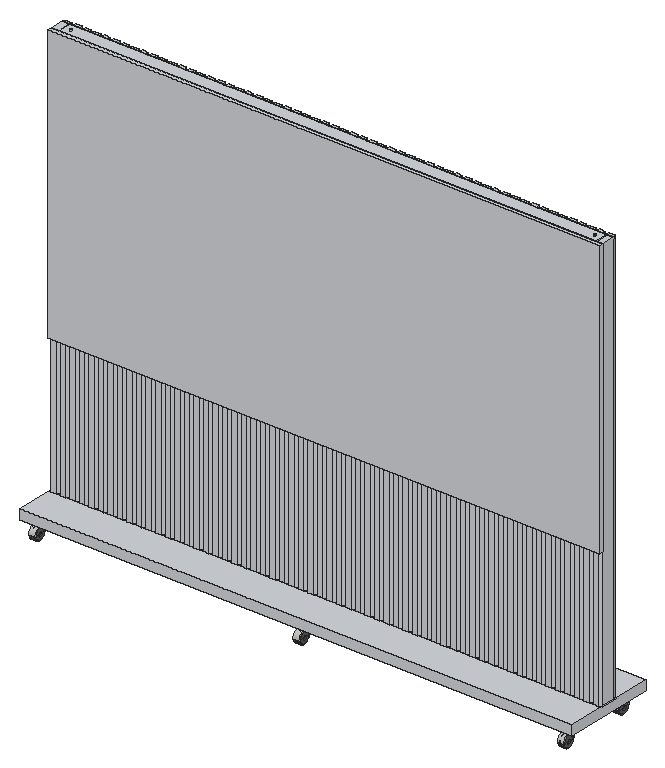
Revit family "ThinkingWall Acoustic Freestander", category Generic Models, Revit 2023
Family settings
  Can host rebar = No
  Round Connector Dimension = Use Diameter
  Part Type = Normal
  Work Plane-Based = No
  Always vertical = Yes
  Cut with Voids When Loaded = No
  Maintain Annotation Orientation = No
  Shared = No
  Room Calculation Point = No
Parameters (values of type "ThinkingWall® Acoustic Freestander 2400 Whiteboard to one side, all acoustic other side")
  White Board 2 = no
  White Board 1 = yes
  URL = "https://www.logovisual.com/product/whiteboards/thinkingwall/acoustics/thinkingwall-mobile-acoustic-freestander/"
  Steel Colour = none
  Plinth Colour = none
  No of Slat = Length / 41.4 mm  # 58
  Model = "ThinkingWall® Acoustic Freestander"
  Manufacturer = "Logovisual LTD"
  Length = 2400 mm
  Description = "Mobile freestanding whiteboard with acoustic elements. Part of the ThinkingWall® range for flexible breakout and meeting spaces."
  Default Elevation = 0 mm
  Caster Wheel = yes
  Acoustic Panel 2 Heght = 1800 mm
  Acoustic Panel 1 Heght = 600 mm
  Acoustic Panel = yes
  Acoustic Colour = none
Types (10, lengths in mm): name | White Board 2 | White Board 1 | No of Slat | Length | Caster Wheel | Acoustic Panel 2 Heght | Acoustic Panel 1 Heght
  (no name) | no | yes | 58 | 2400 | yes | 1800 | 600
  ThinkingWall® Acoustic Freestander 1200 Whiteboard to both sides | yes | yes | 29 | 1200 | no | 600 | 600
  ThinkingWall® Acoustic Freestander 1500 Whiteboard to both sides | yes | yes | 36 | 1500 | no | 600 | 600
  ThinkingWall® Acoustic Freestander 2400 Whiteboard to both sides | yes | yes | 58 | 2400 | yes | 600 | 600
  ThinkingWall® Acoustic Freestander 1200 Whiteboard to one side, all acoustic other side | no | yes | 29 | 1200 | no | 1800 | 600
  ThinkingWall® Acoustic Freestander 1500 Whiteboard to one side, all acoustic other side | no | yes | 36 | 1500 | no | 1800 | 600
  ThinkingWall® Acoustic Freestander 2400 Whiteboard to one side, all acoustic other side | no | yes | 58 | 2400 | yes | 1800 | 600
  ThinkingWall® Acoustic Freestander 1200 All acoustic both sides | no | no | 29 | 1200 | no | 1800 | 1800
  ThinkingWall® Acoustic Freestander 1500 All acoustic both sides | no | no | 36 | 1500 | no | 1800 | 1800
  ThinkingWall® Acoustic Freestander 2400 All acoustic both sides | no | no | 58 | 2400 | yes | 1800 | 1800
Reference planes
  plane 1 "Center (Front/Back)": y = 0
  plane 2: z = 0
  plane 3 "Center (Left/Right)": x = 0
  plane 4: y = 200
  plane 5: x = 2400
  plane 6: y = -200
  plane 7: x = 1200
  plane 8: z = 71.5
  plane 9 "a": z = 114.5
  plane 10: x = 30
  plane 11: x = 2370
  plane 12: z = 1914.5
  plane 13: y = 30
  plane 14: y = -30
  plane 15: x = 1195
  plane 16: x = 1205
  plane 17: y = -183
  plane 18: y = 182
  plane 19: z = 1804.5
  plane 20: y = 47.5
  plane 21: y = -47.5
  plane 22: y = 40
  plane 23: y = -40
  plane 24 "b": z = 109.5
  plane 25: z = 714.5
Forms (mm)
  Extrusion 1, solid, material <- "Plinth Colour"
    sketch origin (-511.407, -1524, 71.5) x (-1, 0, 0) y (0, -1, 0)
      loop
        line (-511.407, -1724) -> (-511.407, -1324) -> (-2911.407, -1324) -> (-2911.407, -1724) -> (-511.407, -1724)
    from 0 to 43
  Extrusion 2, solid, material <- "Steel Colour"
    sketch origin (-511.407, -1524, 114.5) x (-1, 0, 0) y (0, -1, 0)
      loop
        line (-511.407, -1554) -> (-511.407, -1494) -> (-541.407, -1494) -> (-541.407, -1554) -> (-511.407, -1554)
      loop
        line (-2881.407, -1554) -> (-2881.407, -1494) -> (-2911.407, -1494) -> (-2911.407, -1554) -> (-2881.407, -1554)
    from 0 to 1800
  Extrusion 3, solid, visible <- "White Board 2"
    sketch origin (-511.407, -1524, 114.5) x (-1, 0, 0) y (0, -1, 0)
      loop
        line (-511.407, -1571.5) -> (-511.407, -1554) -> (-2911.407, -1554) -> (-2911.407, -1571.5) -> (-511.407, -1571.5)
    from 600 to 1800
  Extrusion 4, solid, material <- "Steel Colour"
    sketch origin (-908.752, -1524, 1914.5) x (-1, 0, 0) y (0, -1, 0)
      loop
        line (-938.752, -1554) -> (-938.752, -1494) -> (-3278.752, -1494) -> (-3278.752, -1554) -> (-938.752, -1554)
    from -18 to 0
  Extrusion 5, solid
    sketch origin (-908.752, -1524, 1914.5) x (-1, 0, 0) y (0, -1, 0)
      loop
        circle (-968.752, -1524) r 5
      loop
        circle (-3248.752, -1524) r 5
    from 0 to 1
  Extrusion 6, solid
    sketch origin (0, 0, 0) x (0, 1, 0) y (0, 0, 1)
      loop
        line (40, 114.5) -> (-40, 114.5) -> (-40, 109.5) -> (40, 109.5) -> (40, 114.5)
    from 0 to 2400
  Extrusion 7, solid, visible <- "White Board 1"
    sketch origin (-511.407, 1524, 114.5) x (-1, 0, 0) y (0, -1, 0)
      loop
        line (-511.407, 1554) -> (-511.407, 1571.5) -> (-2911.407, 1571.5) -> (-2911.407, 1554) -> (-511.407, 1554)
    from 600 to 1800
Dimensions and locks
  equal spacing: plane 4, plane 1 "Center (Front/Back)", plane 6
  plane 4 to plane 6 = 400 mm
  "Length": plane 3 "Center (Left/Right)" to plane 5
  locked: plane 3 "Center (Left/Right)" to nested 1 at 50
  locked: plane 4 to nested 1 at 50
  equal spacing: plane 3 "Center (Left/Right)", plane 7, plane 5
  locked: plane 4 to nested 2 at 50
  locked: nested 2 to plane 5 at 50
  locked: nested 4 to plane 5 at 50
  locked: plane 3 "Center (Left/Right)" to nested 3 at 50
  locked: plane 6 to nested 3 at 50
  locked: plane 6 to nested 4 at 50
  locked: plane 8 to level at 71.5
  plane 9 "a" to plane 8 = 43 mm
  locked: plane 3 "Center (Left/Right)" to plane 10 at 30
  locked: plane 11 to plane 5 at 30
  plane 12 to level = 1914.5 mm
  equal spacing: plane 13, plane 1 "Center (Front/Back)", plane 14
  locked: plane 13 to plane 14 at 60
  locked: plane 4 to plane 18 at 18
  locked: plane 6 to plane 17 at 17
  equal spacing: plane 15, plane 7, plane 16
  locked: plane 15 to plane 16 at 10
  plane 12 to plane 9 "a" = 1800 mm
  locked: plane 12 to plane 19 at 110
  equal spacing: group 1, group 3, group 4, group 5, group 6, group 7, group 8, group 9, group 10, group 11, group 12, group 13, group 14, group 15, group 16, group 17, group 18, group 19, group 20, group 21, group 22, group 23, group 24, group 25, group 26, group 27, group 28, group 29, group 59, group 60, group 61, group 62, group 63, group 64, group 65, group 66, group 67, group 68, group 69, group 70, group 71, group 72, group 73, group 74, group 75, group 76, group 77, group 78, group 79, group 80, group 81, group 82, group 83, group 84, group 85, group 86, group 87, group 2  (x3)
  equal spacing: group 30, group 32, group 33, group 34, group 35, group 36, group 37, group 38, group 39, group 40, group 41, group 42, group 43, group 44, group 45, group 46, group 47, group 48, group 49, group 50, group 51, group 52, group 53, group 54, group 55, group 56, group 57, group 58, group 88, group 89, group 90, group 91, group 92, group 93, group 94, group 95, group 96, group 97, group 98, group 99, group 100, group 101, group 102, group 103, group 104, group 105, group 106, group 107, group 108, group 109, group 110, group 111, group 112, group 113, group 114, group 115, group 116, group 31  (x3)
  locked: plane 20 to plane 13 at 17.5
  locked: plane 21 to plane 14 at 17.5
  equal spacing: plane 22, plane 1 "Center (Front/Back)", plane 23
  locked: plane 9 "a" to plane 24 "b" at 5
  plane 25 to plane 9 "a" = 600 mm
  locked: plane 4 to nested 63 at 50
  locked: plane 6 to nested 64 at 50
  aligned and locked: level to plane 2
  aligned and locked: Extrusion 1 sketch curve to plane 4
  aligned and locked: plane 3 "Center (Left/Right)" to Extrusion 1 sketch curve
  aligned and locked: Extrusion 1 sketch curve to plane 6
  aligned and locked: Extrusion 1 sketch curve to plane 5
  aligned and locked: Extrusion 1 to plane 8
  aligned and locked: Extrusion 1 to plane 9 "a"
  aligned and locked: Extrusion 2 sketch curve to plane 13
  aligned and locked: plane 3 "Center (Left/Right)" to Extrusion 2 sketch curve
  aligned and locked: Extrusion 2 sketch curve to plane 14  (x2)
  aligned and locked: Extrusion 2 sketch curve to plane 10
  aligned and locked: plane 13 to Extrusion 2 sketch curve
  aligned and locked: Extrusion 2 sketch curve to plane 11
  aligned and locked: Extrusion 2 sketch curve to plane 5
  aligned and locked: Extrusion 2 to plane 9 "a"
  aligned and locked: Extrusion 2 to plane 12
  aligned and locked: nested 5 to plane 9 "a"
  aligned and locked: plane 9 "a" to nested 6
  aligned and locked: plane 14 to nested 6
  aligned and locked: plane 14 to nested 5
  aligned and locked: nested 35 to plane 13
  aligned and locked: plane 13 to nested 34
  aligned and locked: nested 34 to plane 9 "a"
  aligned and locked: plane 9 "a" to nested 35
  aligned and locked: Extrusion 3 sketch curve to plane 20
  aligned and locked: plane 3 "Center (Left/Right)" to Extrusion 3 sketch curve
  aligned and locked: Extrusion 3 sketch curve to Extrusion 2  (x2)
  aligned and locked: Extrusion 3 to plane 12
  aligned and locked: plane 3 "Center (Left/Right)" to nested 5
  aligned and locked: plane 3 "Center (Left/Right)" to nested 34
  aligned and locked: nested 6 to plane 5
  aligned and locked: nested 35 to plane 5
  aligned and locked: Extrusion 4 to plane 12
  aligned and locked: plane 9 "a" to Extrusion 6 sketch curve
  aligned and locked: plane 22 to Extrusion 6 sketch curve
  aligned and locked: Extrusion 6 sketch curve to plane 24 "b"
  aligned and locked: plane 23 to Extrusion 6 sketch curve
  aligned and locked: Extrusion 6 to plane 3 "Center (Left/Right)"
  aligned and locked: plane 5 to Extrusion 6
  aligned and locked: Extrusion 3 to plane 25
  aligned and locked: Extrusion 7 sketch curve to Extrusion 2  (x2)
  aligned and locked: Extrusion 7 sketch curve to plane 21
  aligned and locked: Extrusion 7 sketch curve to plane 5
  aligned and locked: Extrusion 7 to plane 25
  aligned and locked: Extrusion 7 to plane 12
  aligned and locked: plane 7 to nested 64
  aligned and locked: plane 7 to nested 63
Automatic sketch dimensions
  Extrusion 4 sketch curve to plane 11 = 0 mm
  Extrusion 4 sketch curve to plane 10 = 0 mm
  Extrusion 4 sketch curve to plane 13 = 0 mm
  plane 14 to Extrusion 4 sketch curve = 0 mm
  Extrusion 5 sketch curve to Extrusion 4 = 30 mm  (x4)
  radius of Extrusion 5 sketch curve = 5 mm  (x2)
Nested families
  nested 1: "50mm_Caster_Wheel 2" at (50, 150, 0) x (0, 1, 0) z (0, 0, 1), type "50mm_Caster_Wheel 2"
  nested 2: "50mm_Caster_Wheel 2" at (2350, 150, 0) x (0, 1, 0) z (0, 0, 1), type "50mm_Caster_Wheel 2"
  nested 3: "50mm_Caster_Wheel 2" at (50, -150, 0) x (0, 1, 0) z (0, 0, 1), type "50mm_Caster_Wheel 2"
  nested 4: "50mm_Caster_Wheel 2" at (2350, -150, 0) x (0, 1, 0) z (0, 0, 1), type "50mm_Caster_Wheel 2"
  nested 5: "Panel" at (0, -30, 114.5), type "Panel"
    with Height 600 mm
  nested 6: "Panel" at (2360, -30, 114.5), type "Panel"
    with Height 600 mm
  nested 7: "Panel" at (41.404, -30, 114.5), type "Panel"
    with Height 600 mm
  nested 8: "Panel" at (82.807, -30, 114.5), type "Panel"
    with Height 600 mm
  nested 9: "Panel" at (124.211, -30, 114.5), type "Panel"
    with Height 600 mm
  nested 10: "Panel" at (165.614, -30, 114.5), type "Panel"
    with Height 600 mm
  nested 11: "Panel" at (207.018, -30, 114.5), type "Panel"
    with Height 600 mm
  nested 12: "Panel" at (248.421, -30, 114.5), type "Panel"
    with Height 600 mm
  nested 13: "Panel" at (289.825, -30, 114.5), type "Panel"
    with Height 600 mm
  nested 14: "Panel" at (331.228, -30, 114.5), type "Panel"
    with Height 600 mm
  nested 15: "Panel" at (372.632, -30, 114.5), type "Panel"
    with Height 600 mm
  nested 16: "Panel" at (414.035, -30, 114.5), type "Panel"
    with Height 600 mm
  nested 17: "Panel" at (455.439, -30, 114.5), type "Panel"
    with Height 600 mm
  nested 18: "Panel" at (496.842, -30, 114.5), type "Panel"
    with Height 600 mm
  nested 19: "Panel" at (538.246, -30, 114.5), type "Panel"
    with Height 600 mm
  nested 20: "Panel" at (579.649, -30, 114.5), type "Panel"
    with Height 600 mm
  nested 21: "Panel" at (621.053, -30, 114.5), type "Panel"
    with Height 600 mm
  nested 22: "Panel" at (662.456, -30, 114.5), type "Panel"
    with Height 600 mm
  nested 23: "Panel" at (703.86, -30, 114.5), type "Panel"
    with Height 600 mm
  nested 24: "Panel" at (745.263, -30, 114.5), type "Panel"
    with Height 600 mm
  nested 25: "Panel" at (786.667, -30, 114.5), type "Panel"
    with Height 600 mm
  nested 26: "Panel" at (828.07, -30, 114.5), type "Panel"
    with Height 600 mm
  nested 27: "Panel" at (869.474, -30, 114.5), type "Panel"
    with Height 600 mm
  nested 28: "Panel" at (910.877, -30, 114.5), type "Panel"
    with Height 600 mm
  nested 29: "Panel" at (952.281, -30, 114.5), type "Panel"
    with Height 600 mm
  nested 30: "Panel" at (993.684, -30, 114.5), type "Panel"
    with Height 600 mm
  nested 31: "Panel" at (1035.088, -30, 114.5), type "Panel"
    with Height 600 mm
  nested 32: "Panel" at (1076.491, -30, 114.5), type "Panel"
    with Height 600 mm
  nested 33: "Panel" at (1117.895, -30, 114.5), type "Panel"
    with Height 600 mm
  nested 34: "Panel" at (40, 30, 114.5) x (-1, 0, 0) z (0, 0, 1), visible <- "Acoustic Panel", type "Panel 2"
    with Height 1800 mm
  nested 35: "Panel" at (2400, 30, 114.5) x (-1, 0, 0) z (0, 0, 1), visible <- "Acoustic Panel", type "Panel 2"
    with Height 1800 mm
  nested 36: "Panel" at (81.404, 30, 114.5) x (-1, 0, 0) z (0, 0, 1), visible <- "Acoustic Panel", type "Panel 2"
    with Height 1800 mm
  nested 37: "Panel" at (122.807, 30, 114.5) x (-1, 0, 0) z (0, 0, 1), visible <- "Acoustic Panel", type "Panel 2"
    with Height 1800 mm
  nested 38: "Panel" at (164.211, 30, 114.5) x (-1, 0, 0) z (0, 0, 1), visible <- "Acoustic Panel", type "Panel 2"
    with Height 1800 mm
  nested 39: "Panel" at (205.614, 30, 114.5) x (-1, 0, 0) z (0, 0, 1), visible <- "Acoustic Panel", type "Panel 2"
    with Height 1800 mm
  nested 40: "Panel" at (247.018, 30, 114.5) x (-1, 0, 0) z (0, 0, 1), visible <- "Acoustic Panel", type "Panel 2"
    with Height 1800 mm
  nested 41: "Panel" at (288.421, 30, 114.5) x (-1, 0, 0) z (0, 0, 1), visible <- "Acoustic Panel", type "Panel 2"
    with Height 1800 mm
  nested 42: "Panel" at (329.825, 30, 114.5) x (-1, 0, 0) z (0, 0, 1), visible <- "Acoustic Panel", type "Panel 2"
    with Height 1800 mm
  nested 43: "Panel" at (371.228, 30, 114.5) x (-1, 0, 0) z (0, 0, 1), visible <- "Acoustic Panel", type "Panel 2"
    with Height 1800 mm
  nested 44: "Panel" at (412.632, 30, 114.5) x (-1, 0, 0) z (0, 0, 1), visible <- "Acoustic Panel", type "Panel 2"
    with Height 1800 mm
  nested 45: "Panel" at (454.035, 30, 114.5) x (-1, 0, 0) z (0, 0, 1), visible <- "Acoustic Panel", type "Panel 2"
    with Height 1800 mm
  nested 46: "Panel" at (495.439, 30, 114.5) x (-1, 0, 0) z (0, 0, 1), visible <- "Acoustic Panel", type "Panel 2"
    with Height 1800 mm
  nested 47: "Panel" at (536.842, 30, 114.5) x (-1, 0, 0) z (0, 0, 1), visible <- "Acoustic Panel", type "Panel 2"
    with Height 1800 mm
  nested 48: "Panel" at (578.246, 30, 114.5) x (-1, 0, 0) z (0, 0, 1), visible <- "Acoustic Panel", type "Panel 2"
    with Height 1800 mm
  nested 49: "Panel" at (619.649, 30, 114.5) x (-1, 0, 0) z (0, 0, 1), visible <- "Acoustic Panel", type "Panel 2"
    with Height 1800 mm
  nested 50: "Panel" at (661.053, 30, 114.5) x (-1, 0, 0) z (0, 0, 1), visible <- "Acoustic Panel", type "Panel 2"
    with Height 1800 mm
  nested 51: "Panel" at (702.456, 30, 114.5) x (-1, 0, 0) z (0, 0, 1), visible <- "Acoustic Panel", type "Panel 2"
    with Height 1800 mm
  nested 52: "Panel" at (743.86, 30, 114.5) x (-1, 0, 0) z (0, 0, 1), visible <- "Acoustic Panel", type "Panel 2"
    with Height 1800 mm
  nested 53: "Panel" at (785.263, 30, 114.5) x (-1, 0, 0) z (0, 0, 1), visible <- "Acoustic Panel", type "Panel 2"
    with Height 1800 mm
  nested 54: "Panel" at (826.667, 30, 114.5) x (-1, 0, 0) z (0, 0, 1), visible <- "Acoustic Panel", type "Panel 2"
    with Height 1800 mm
  nested 55: "Panel" at (868.07, 30, 114.5) x (-1, 0, 0) z (0, 0, 1), visible <- "Acoustic Panel", type "Panel 2"
    with Height 1800 mm
  nested 56: "Panel" at (909.474, 30, 114.5) x (-1, 0, 0) z (0, 0, 1), visible <- "Acoustic Panel", type "Panel 2"
    with Height 1800 mm
  nested 57: "Panel" at (950.877, 30, 114.5) x (-1, 0, 0) z (0, 0, 1), visible <- "Acoustic Panel", type "Panel 2"
    with Height 1800 mm
  nested 58: "Panel" at (992.281, 30, 114.5) x (-1, 0, 0) z (0, 0, 1), visible <- "Acoustic Panel", type "Panel 2"
    with Height 1800 mm
  nested 59: "Panel" at (1033.684, 30, 114.5) x (-1, 0, 0) z (0, 0, 1), visible <- "Acoustic Panel", type "Panel 2"
    with Height 1800 mm
  nested 60: "Panel" at (1075.088, 30, 114.5) x (-1, 0, 0) z (0, 0, 1), visible <- "Acoustic Panel", type "Panel 2"
    with Height 1800 mm
  nested 61: "Panel" at (1116.491, 30, 114.5) x (-1, 0, 0) z (0, 0, 1), visible <- "Acoustic Panel", type "Panel 2"
    with Height 1800 mm
  nested 62: "Panel" at (1157.895, 30, 114.5) x (-1, 0, 0) z (0, 0, 1), visible <- "Acoustic Panel", type "Panel 2"
    with Height 1800 mm
  nested 63: "50mm_Caster_Wheel 2" at (1200, 150, 0) x (0, 1, 0) z (0, 0, 1), visible <- "Caster Wheel", type "50mm_Caster_Wheel 3"
  nested 64: "50mm_Caster_Wheel 2" at (1200, -150, 0) x (0, 1, 0) z (0, 0, 1), visible <- "Caster Wheel", type "50mm_Caster_Wheel 3"
  nested 65: "Panel" at (1159.298, -30, 114.5), type "Panel"
    with Height 600 mm
  nested 66: "Panel" at (1200.702, -30, 114.5), type "Panel"
    with Height 600 mm
  nested 67: "Panel" at (1242.105, -30, 114.5), type "Panel"
    with Height 600 mm
  nested 68: "Panel" at (1283.509, -30, 114.5), type "Panel"
    with Height 600 mm
  nested 69: "Panel" at (1324.912, -30, 114.5), type "Panel"
    with Height 600 mm
  nested 70: "Panel" at (1366.316, -30, 114.5), type "Panel"
    with Height 600 mm
  nested 71: "Panel" at (1407.719, -30, 114.5), type "Panel"
    with Height 600 mm
  nested 72: "Panel" at (1449.123, -30, 114.5), type "Panel"
    with Height 600 mm
  nested 73: "Panel" at (1490.526, -30, 114.5), type "Panel"
    with Height 600 mm
  nested 74: "Panel" at (1531.93, -30, 114.5), type "Panel"
    with Height 600 mm
  nested 75: "Panel" at (1573.333, -30, 114.5), type "Panel"
    with Height 600 mm
  nested 76: "Panel" at (1614.737, -30, 114.5), type "Panel"
    with Height 600 mm
  nested 77: "Panel" at (1656.14, -30, 114.5), type "Panel"
    with Height 600 mm
  nested 78: "Panel" at (1697.544, -30, 114.5), type "Panel"
    with Height 600 mm
  nested 79: "Panel" at (1738.947, -30, 114.5), type "Panel"
    with Height 600 mm
  nested 80: "Panel" at (1780.351, -30, 114.5), type "Panel"
    with Height 600 mm
  nested 81: "Panel" at (1821.754, -30, 114.5), type "Panel"
    with Height 600 mm
  nested 82: "Panel" at (1863.158, -30, 114.5), type "Panel"
    with Height 600 mm
  nested 83: "Panel" at (1904.561, -30, 114.5), type "Panel"
    with Height 600 mm
  nested 84: "Panel" at (1945.965, -30, 114.5), type "Panel"
    with Height 600 mm
  nested 85: "Panel" at (1987.368, -30, 114.5), type "Panel"
    with Height 600 mm
  nested 86: "Panel" at (2028.772, -30, 114.5), type "Panel"
    with Height 600 mm
  nested 87: "Panel" at (2070.175, -30, 114.5), type "Panel"
    with Height 600 mm
  nested 88: "Panel" at (2111.579, -30, 114.5), type "Panel"
    with Height 600 mm
  nested 89: "Panel" at (2152.982, -30, 114.5), type "Panel"
    with Height 600 mm
  nested 90: "Panel" at (2194.386, -30, 114.5), type "Panel"
    with Height 600 mm
  nested 91: "Panel" at (2235.789, -30, 114.5), type "Panel"
    with Height 600 mm
  nested 92: "Panel" at (2277.193, -30, 114.5), type "Panel"
    with Height 600 mm
  nested 93: "Panel" at (2318.596, -30, 114.5), type "Panel"
    with Height 600 mm
  nested 94: "Panel" at (1199.298, 30, 114.5) x (-1, 0, 0) z (0, 0, 1), visible <- "Acoustic Panel", type "Panel 2"
    with Height 1800 mm
  nested 95: "Panel" at (1240.702, 30, 114.5) x (-1, 0, 0) z (0, 0, 1), visible <- "Acoustic Panel", type "Panel 2"
    with Height 1800 mm
  nested 96: "Panel" at (1282.105, 30, 114.5) x (-1, 0, 0) z (0, 0, 1), visible <- "Acoustic Panel", type "Panel 2"
    with Height 1800 mm
  nested 97: "Panel" at (1323.509, 30, 114.5) x (-1, 0, 0) z (0, 0, 1), visible <- "Acoustic Panel", type "Panel 2"
    with Height 1800 mm
  nested 98: "Panel" at (1364.912, 30, 114.5) x (-1, 0, 0) z (0, 0, 1), visible <- "Acoustic Panel", type "Panel 2"
    with Height 1800 mm
  nested 99: "Panel" at (1406.316, 30, 114.5) x (-1, 0, 0) z (0, 0, 1), visible <- "Acoustic Panel", type "Panel 2"
    with Height 1800 mm
  nested 100: "Panel" at (1447.719, 30, 114.5) x (-1, 0, 0) z (0, 0, 1), visible <- "Acoustic Panel", type "Panel 2"
    with Height 1800 mm
  nested 101: "Panel" at (1489.123, 30, 114.5) x (-1, 0, 0) z (0, 0, 1), visible <- "Acoustic Panel", type "Panel 2"
    with Height 1800 mm
  nested 102: "Panel" at (1530.526, 30, 114.5) x (-1, 0, 0) z (0, 0, 1), visible <- "Acoustic Panel", type "Panel 2"
    with Height 1800 mm
  nested 103: "Panel" at (1571.93, 30, 114.5) x (-1, 0, 0) z (0, 0, 1), visible <- "Acoustic Panel", type "Panel 2"
    with Height 1800 mm
  nested 104: "Panel" at (1613.333, 30, 114.5) x (-1, 0, 0) z (0, 0, 1), visible <- "Acoustic Panel", type "Panel 2"
    with Height 1800 mm
  nested 105: "Panel" at (1654.737, 30, 114.5) x (-1, 0, 0) z (0, 0, 1), visible <- "Acoustic Panel", type "Panel 2"
    with Height 1800 mm
  nested 106: "Panel" at (1696.14, 30, 114.5) x (-1, 0, 0) z (0, 0, 1), visible <- "Acoustic Panel", type "Panel 2"
    with Height 1800 mm
  nested 107: "Panel" at (1737.544, 30, 114.5) x (-1, 0, 0) z (0, 0, 1), visible <- "Acoustic Panel", type "Panel 2"
    with Height 1800 mm
  nested 108: "Panel" at (1778.947, 30, 114.5) x (-1, 0, 0) z (0, 0, 1), visible <- "Acoustic Panel", type "Panel 2"
    with Height 1800 mm
  nested 109: "Panel" at (1820.351, 30, 114.5) x (-1, 0, 0) z (0, 0, 1), visible <- "Acoustic Panel", type "Panel 2"
    with Height 1800 mm
  nested 110: "Panel" at (1861.754, 30, 114.5) x (-1, 0, 0) z (0, 0, 1), visible <- "Acoustic Panel", type "Panel 2"
    with Height 1800 mm
  nested 111: "Panel" at (1903.158, 30, 114.5) x (-1, 0, 0) z (0, 0, 1), visible <- "Acoustic Panel", type "Panel 2"
    with Height 1800 mm
  nested 112: "Panel" at (1944.561, 30, 114.5) x (-1, 0, 0) z (0, 0, 1), visible <- "Acoustic Panel", type "Panel 2"
    with Height 1800 mm
  nested 113: "Panel" at (1985.965, 30, 114.5) x (-1, 0, 0) z (0, 0, 1), visible <- "Acoustic Panel", type "Panel 2"
    with Height 1800 mm
  nested 114: "Panel" at (2027.368, 30, 114.5) x (-1, 0, 0) z (0, 0, 1), visible <- "Acoustic Panel", type "Panel 2"
    with Height 1800 mm
  nested 115: "Panel" at (2068.772, 30, 114.5) x (-1, 0, 0) z (0, 0, 1), visible <- "Acoustic Panel", type "Panel 2"
    with Height 1800 mm
  nested 116: "Panel" at (2110.175, 30, 114.5) x (-1, 0, 0) z (0, 0, 1), visible <- "Acoustic Panel", type "Panel 2"
    with Height 1800 mm
  nested 117: "Panel" at (2151.579, 30, 114.5) x (-1, 0, 0) z (0, 0, 1), visible <- "Acoustic Panel", type "Panel 2"
    with Height 1800 mm
  nested 118: "Panel" at (2192.982, 30, 114.5) x (-1, 0, 0) z (0, 0, 1), visible <- "Acoustic Panel", type "Panel 2"
    with Height 1800 mm
  nested 119: "Panel" at (2234.386, 30, 114.5) x (-1, 0, 0) z (0, 0, 1), visible <- "Acoustic Panel", type "Panel 2"
    with Height 1800 mm
  nested 120: "Panel" at (2275.789, 30, 114.5) x (-1, 0, 0) z (0, 0, 1), visible <- "Acoustic Panel", type "Panel 2"
    with Height 1800 mm
  nested 121: "Panel" at (2317.193, 30, 114.5) x (-1, 0, 0) z (0, 0, 1), visible <- "Acoustic Panel", type "Panel 2"
    with Height 1800 mm
  nested 122: "Panel" at (2358.596, 30, 114.5) x (-1, 0, 0) z (0, 0, 1), visible <- "Acoustic Panel", type "Panel 2"
    with Height 1800 mm
Definition of nested family "50mm_Caster_Wheel 2"
  Parameters (values of type "50mm_Caster_Wheel 2")
    Default Elevation = 0 mm
  Reference planes
    plane 1 "Center (Front/Back)": y = 0
    plane 2: z = 0
    plane 3 "Center (Left/Right)": x = 0
    plane 4 "VWhlCntr": x = -22
    plane 5 "WhlCntr": z = 25
    plane 6: z = 56.73
    plane 7: z = 55.23
  Forms (mm)
    Revolve 1, solid
      sketch origin (0, 0, 25) x (-1, 0, 0) y (0, -1, 0)
        loop
          line (45.5, 13.5) -> (29.872, 13.5) -> (30.032, 14.411)
          arc (30.032, 14.411) -> (29.873, 15.004) -> (29.317, 15.263) r 0.727
          line (29.317, 15.263) -> (22, 15.263) -> (22, 4.169) -> (47, 4.169) -> (47, 12)
          arc (47, 12) -> (46.561, 13.061) -> (45.5, 13.5) r 1.5
        loop
          arc (45.5, -13.5) -> (46.561, -13.061) -> (47, -12) r 1.5
          line (47, -12) -> (47, -4.169) -> (22, -4.169) -> (22, -15.263) -> (29.317, -15.263)
          arc (29.317, -15.263) -> (29.873, -15.004) -> (30.032, -14.411) r 0.727
          line (30.032, -14.411) -> (29.872, -13.5) -> (45.5, -13.5)
        axis (22, 15.263) -> (22, -15.263)
      angle from 0 to 360
    Revolve 2, solid
      sketch origin (0, 0, 25) x (-1, 0, 0) y (0, -1, 0)
        loop
          line (22, 3.174) -> (33.047, 3.174)
          arc (33.047, 3.174) -> (32.755, 3.878) -> (32.052, 4.169) r 0.995
          line (32.052, 4.169) -> (22, 4.169) -> (22, 3.174)
        loop
          line (22, -3.174) -> (22, -4.169) -> (32.052, -4.169)
          arc (32.052, -4.169) -> (32.755, -3.878) -> (33.047, -3.174) r 0.995
          line (33.047, -3.174) -> (22, -3.174)
        axis (22, 4.169) -> (22, -4.169)
      angle from 0 to 360
    Revolve 3, solid
      sketch origin (0, 0, 0) x (1, 0, 0) y (0, 0, 1)
        loop
          line (0, 60) -> (21.525, 60) -> (21.525, 62.198)
          arc (21.525, 62.198) -> (20.577, 63.345) -> (19.43, 64.292) r 7.866
          arc (19.43, 64.292) -> (16.996, 68.264) -> (12.416, 67.416) r 4.113
          line (12.416, 67.416) -> (10, 65) -> (10, 70) -> (0, 70) -> (0, 60)
        axis (0, 60) -> (0, 70)
      angle from 0 to 360
    Extrusion 4, solid
      sketch origin (0, 0, 0) x (1, 0, 0) y (0, 0, 1)
        loop
          circle (-22, 25) r 2.964
      from -12.5 to 12.5
    Extrusion 5, solid
      sketch origin (0, 0, 70) x (1, 0, 0) y (0, 1, 0)
        loop
          line (-25, 25) -> (-25, -25) -> (25, -25) -> (25, 25) -> (-25, 25)
      from 0 to 1.5
    Extrusion 6, solid
      sketch origin (0, 0, 0) x (1, 0, 0) y (0, 0, 1)
        loop
          line (-49.398, 25.312) -> (-47.348, 25.312)
          arc (-47.348, 25.312) -> (-22.059, 50.601) -> (3.229, 25.313) r 25.288
          line (3.229, 25.313) -> (5.279, 25.313)
          arc (5.279, 25.313) -> (-22.059, 52.651) -> (-49.398, 25.312) r 27.339
      from -13.5 to 13.5
    Extrusion 7, solid
      sketch origin (0, 0, 0) x (1, 0, 0) y (0, 0, 1)
        loop
          arc (-22.059, 52.651) -> (-2.728, 44.644) -> (5.279, 25.312) r 27.339
          line (5.279, 25.312) -> (5.279, 60) -> (-22.059, 60) -> (-22.059, 52.651)
      from -13.5 to 13.5
  Dimensions and locks
    plane 3 "Center (Left/Right)" to plane 4 "VWhlCntr" = 22 mm
    Revolve 3 to level = 70 mm
    Revolve 3 to plane 2 = 70 mm
    diameter of Revolve 1 = 50 mm
    aligned and locked: level to plane 2
Definition of nested family "Panel"
  Parameters (values of type "Panel")
    Height = 220 mm
    Default Elevation = 0 mm
    Acoustic Panel = yes
    Acoustic = none
  Types (2): name
    Panel
    Panel 2
  Reference planes
    plane 1 "Center (Front/Back)": y = 0
    plane 2: z = 0
    plane 3 "Center (Left/Right)": x = 0
    plane 4: z = 220
    plane 5: x = 40
    plane 6: y = -12
    plane 7: z = 0
    plane 8: x = 8
    plane 9: x = 32
  Forms (mm)
    Extrusion 1, solid, material <- "Acoustic", visible <- "Acoustic Panel"
      sketch origin (0, 0, 0) x (1, 0, 0) y (0, 1, 0)
        loop
          line (0, 0) -> (8, -12) -> (32, -12) -> (40, 0) -> (0, 0)
      from 0 to 220
  Dimensions and locks
    plane 3 "Center (Left/Right)" to plane 5 = 40 mm
    plane 6 to plane 1 "Center (Front/Back)" = 12 mm  (x2)
    "Height": plane 4 to plane 2
    plane 7 to level = 0 mm
    plane 5 to plane 3 "Center (Left/Right)" = 40 mm
    plane 3 "Center (Left/Right)" to plane 8 = 8 mm
    plane 9 to plane 5 = 8 mm
    aligned and locked: level to plane 2
    aligned and locked: plane 1 "Center (Front/Back)" to Extrusion 1 sketch curve
    aligned and locked: plane 6 to Extrusion 1 sketch curve
    aligned and locked: Extrusion 1 to plane 7
    aligned and locked: plane 4 to Extrusion 1
  Automatic sketch dimensions
    Extrusion 1 sketch curve to plane 3 "Center (Left/Right)" = 0 mm
    Extrusion 1 sketch curve to plane 8 = 0 mm
    Extrusion 1 sketch curve to plane 9 = 0 mm
    Extrusion 1 sketch curve to plane 5 = 0 mm
